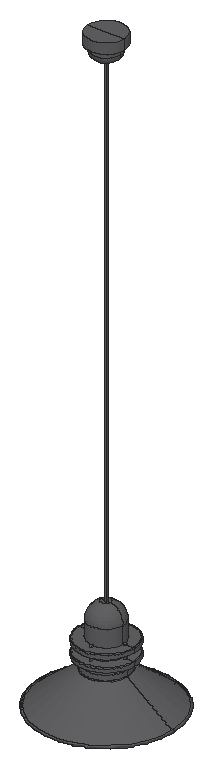
Revit family "Orbitor 200w -16,18,20 MB", category Lighting Fixtures, Revit 2020 (continued)
Definition of nested family "ORB218"
  Definition of nested family "ORB218-LED"
    Forms (in)
      Revolve 4, solid, material <- "Body", visible <- "ORB218"
        sketch origin (0, 0, 0) x (1, 0, 0) y (0, 0, 1)
          loop
            line (-1.25, 9.78006) -> (-2.5, 9.78006) -> (-2.5, 9.03006) -> (-2.4375, 9.03006) -> (-2.4375, 8.53006) -> (-2.1875, 8.53006) -> (-2.1875, 9.59256) -> (-1.25, 9.59256) -> (-1.25, 9.78006)
          axis (0, 9.78006) -> (0, 8.53006)
        angle from 0 to 360
      Revolve 5, solid, material <- "Body", visible <- "ORB218"
        sketch origin (0, 0, 0) x (1, 0, 0) y (0, 0, 1)
          loop
            line (-2.5625, 8.45006) -> (-2.5625, 8.53006) -> (-4.1075, 8.53006)
            arc (-4.1075, 8.53006) -> (-4.16407, 8.50663) -> (-4.1875, 8.45006) r 0.08
            line (-4.1875, 8.45006) -> (-4.1875, 7.90506) -> (-4.1075, 7.90506) -> (-4.1075, 8.45006) -> (-2.5625, 8.45006)
          axis (0, 8.53006) -> (0, 7.90506)
        angle from 0 to 360
      Revolve 6, solid, material <- "Body", visible <- "ORB218"
        sketch origin (0, 0, 0) x (1, 0, 0) y (0, 0, 1)
          loop
            line (-2.5625, 7.12006) -> (-2.5625, 7.20006) -> (-3.0625, 7.20006)
            arc (-3.0625, 7.20006) -> (-3.15089, 7.16345) -> (-3.1875, 7.07506) r 0.125
            line (-3.1875, 7.07506) -> (-3.1875, 6.33529)
            arc (-3.1875, 6.33529) -> (-3.20446, 6.27243) -> (-3.25072, 6.22662) r 0.125
            line (-3.25072, 6.22662) -> (-8.79633, 1.77583)
            arc (-8.79633, 1.77583) -> (-8.81985, 1.76011) -> (-8.8476, 1.75459) r 0.0725
            arc (-8.8476, 1.75459) -> (-8.9201, 1.82709) -> (-8.8476, 1.89959) r 0.0725
            line (-8.8476, 1.89959) -> (-8.8476, 1.97959)
            arc (-8.8476, 1.97959) -> (-9.0001, 1.82709) -> (-8.8476, 1.67459) r 0.1525
            arc (-8.8476, 1.67459) -> (-8.78924, 1.6862) -> (-8.73976, 1.71926) r 0.1525
            line (-8.73976, 1.71926) -> (-3.20527, 6.16057)
            arc (-3.20527, 6.16057) -> (-3.1336, 6.23518) -> (-3.1075, 6.33529) r 0.205
            line (-3.1075, 6.33529) -> (-3.1075, 7.07506)
            arc (-3.1075, 7.07506) -> (-3.09432, 7.10688) -> (-3.0625, 7.12006) r 0.045
            line (-3.0625, 7.12006) -> (-2.5625, 7.12006)
          axis (0, 7.20006) -> (0, 1.67459)
        angle from 0 to 360
      Revolve 7, solid, material <- "Body", visible <- "ORB218"
        sketch origin (0, 0, 0) x (1, 0, 0) y (0, 0, 1)
          loop
            arc (-2.8125, 10.49006) -> (-2.92183, 10.45978) -> (-3, 10.37756) r 0.2125
            line (-3, 10.37756) -> (-3, 10.31506) -> (-2.8125, 10.31506) -> (-2.8125, 10.49006)
          loop
            line (-3, 9.78006) -> (-3, 8.53006) -> (-2.9375, 8.53006) -> (-2.9375, 9.78006) -> (-3, 9.78006)
          loop
            line (-3, 8.45006) -> (-3, 7.20006) -> (-2.9375, 7.20006) -> (-2.9375, 8.45006) -> (-3, 8.45006)
          axis (-2.8125, 10.49006) -> (-2.8125, 7.20006)
        angle from 0 to 360
      Revolve 8, solid, material <- "Body", visible <- "ORB218"
        sketch origin (0, 0, 0) x (-1, 0, 0) y (0, 0, 1)
          loop
            arc (-2.8125, 10.49006) -> (-2.92183, 10.45978) -> (-3, 10.37756) r 0.2125
            line (-3, 10.37756) -> (-3, 10.31506) -> (-2.8125, 10.31506) -> (-2.8125, 10.49006)
          loop
            line (-3, 9.78006) -> (-3, 8.53006) -> (-2.9375, 8.53006) -> (-2.9375, 9.78006) -> (-3, 9.78006)
          loop
            line (-3, 8.45006) -> (-3, 7.20006) -> (-2.9375, 7.20006) -> (-2.9375, 8.45006) -> (-3, 8.45006)
          axis (-2.8125, 10.49006) -> (-2.8125, 7.20006)
        angle from 0 to 360
      Revolve 9, solid
        sketch origin (0, 0, 0) x (0, -1, 0) y (0, 0, 1)
          loop
            arc (-2.8125, 10.49006) -> (-2.92183, 10.45978) -> (-3, 10.37756) r 0.2125
            line (-3, 10.37756) -> (-3, 10.31506) -> (-2.8125, 10.31506) -> (-2.8125, 10.49006)
          loop
            line (-3, 9.78006) -> (-3, 8.53006) -> (-2.9375, 8.53006) -> (-2.9375, 9.78006) -> (-3, 9.78006)
          loop
            line (-3, 8.45006) -> (-3, 7.20006) -> (-2.9375, 7.20006) -> (-2.9375, 8.45006) -> (-3, 8.45006)
          axis (-2.8125, 10.49006) -> (-2.8125, 7.20006)
        angle from 0 to 360
      Revolve 10, solid, material <- "Body", visible <- "ORB218"
        sketch origin (0, 0, 0) x (0, 1, 0) y (0, 0, -1)
          loop
            line (-2.8125, -10.49006) -> (-2.8125, -10.31506) -> (-3, -10.31506) -> (-3, -10.37756)
            arc (-3, -10.37756) -> (-2.92183, -10.45978) -> (-2.8125, -10.49006) r 0.2125
          loop
            line (-3, -9.78006) -> (-2.9375, -9.78006) -> (-2.9375, -8.53006) -> (-3, -8.53006) -> (-3, -9.78006)
          loop
            line (-3, -8.45006) -> (-2.9375, -8.45006) -> (-2.9375, -7.20006) -> (-3, -7.20006) -> (-3, -8.45006)
          axis (-2.8125, -10.49006) -> (-2.8125, -7.20006)
        angle from 0 to 360
      Revolve 11, solid, material <- "Body", visible <- "ORB218"
        sketch origin (0, 0, 1.785) x (1, 0, 0) y (0, 0, 1)
          loop
            line (-2.5625, 8.45006) -> (-2.5625, 8.53006) -> (-4.1075, 8.53006)
            arc (-4.1075, 8.53006) -> (-4.16407, 8.50663) -> (-4.1875, 8.45006) r 0.08
            line (-4.1875, 8.45006) -> (-4.1875, 7.90506) -> (-4.1075, 7.90506) -> (-4.1075, 8.45006) -> (-2.5625, 8.45006)
          axis (0, 8.53006) -> (0, 7.90506)
        angle from 0 to 360
      Revolve 12, solid, material <- "INSIDE BODY", visible <- "ORB218"
        sketch origin (0, 0, 0) x (1, 0, 0) y (0, 0, 1)
          loop
            line (3.20527, 6.16057) -> (3.04549, 6.16057) -> (8.50934, 1.77583) -> (8.66911, 1.77583) -> (3.20527, 6.16057)
          axis (0, 1.77583) -> (0, 6.16057)
        angle from 0 to 360
    Dimensions and locks (in)
      aligned and locked: plane 2 to level
Types (4): name | Weight | URL | ORB220 | ORB218 | ORB216 | Photometric Web File | Model | Light Source Height | Lamp | Fixture Height | Fixture Diameter
  (no name) | "3.5 lbs" | "https://www.anplighting.com/assets/Uploads/product-attachments/specification-sheets/ANP-Specification-Sheet-RLM-MB-ORB220.pdf" | yes | no | no | "ORB220CLM024LDDW40K.IES" | "ORB220" | 0' - 11" | "LED" | 1' - 2 1/8" | 1' - 8"
  ORB216 | "3.0 lbs" | "https://www.anplighting.com/assets/Uploads/product-attachments/specification-sheets/ANP-Specification-Sheet-RLM-MB-ORB216.pdf" | no | no | yes | "ORB216CLM016LDDW40K.IES" | "ORB216" | 0' - 10" | "MB" | 0' - 11 7/8" | 1' - 4"
  ORB218 | "3.0 lbs" | "https://www.anplighting.com/assets/Uploads/product-attachments/specification-sheets/ANP-Specification-Sheet-RLM-MB-ORB218.pdf" | no | yes | no | "ORB216CLM016LDDW40K.IES" | "ORB218" | 0' - 11" | "MB" | 1' - 1 1/4" | 1' - 6"
  ORB220 | "3.5 lbs" | "https://www.anplighting.com/assets/Uploads/product-attachments/specification-sheets/ANP-Specification-Sheet-RLM-MB-ORB220.pdf" | yes | no | no | "ORB220CLM024LDDW40K.IES" | "ORB220" | 0' - 11" | "LED" | 1' - 2 1/8" | 1' - 8"
